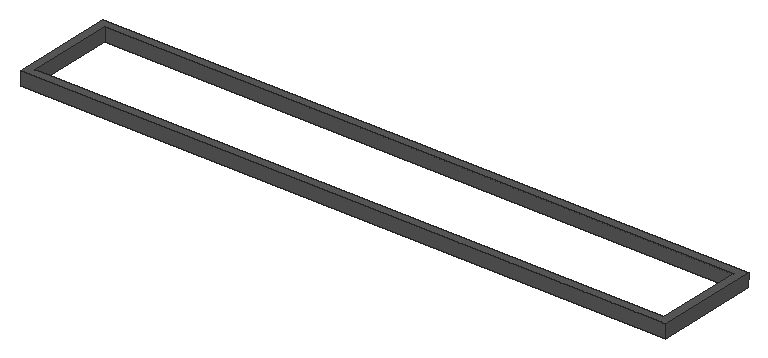
Revit family "FU_Frame_LAP0035", category Furniture, Revit 2022
Family settings
  OmniClass Number = 23.40.20.00
  OmniClass Title = General Furniture and Specialties
  Work Plane-Based = No
  Always vertical = Yes
  Cut with Voids When Loaded = No
  Render Appearance Source = Family Geometry
  Shared = No
  Room Calculation Point = No
Parameters (values of type "LAP0035")
  Width = 2370 mm
  URL = "https://www.sandlerseating.com/product/lapse-0035-2/"
  Model = "LAP0035"
  Manufacturer = "Sandler"
  Height = 50 mm
  Frame [instance] = Epoxy - M1_B00 - Black
  Description = "3.5-seat frame in the Lapse modular seating range that can be customized with a variety of modular elements and epoxy finishes."
  Depth = 380 mm
  Default Elevation = 0 mm
Reference planes
  plane 1 "Center (Front/Back)": y = 0
  plane 2: z = 0
  plane 3 "Center (Left/Right)": x = 0
  plane 4 "Right": x = -1185
  plane 5 "Left": x = 1185
  plane 6 "Back": y = 190
  plane 7 "Front": y = -190
  plane 8 "Height": z = 333
  plane 9 "Frame Base": z = 283
  plane 10 "Frame Inner Right": x = -1155
  plane 11 "Frame Inner Back": y = 160
  plane 12 "Frame Inner Left": x = 1155
  plane 13 "Frame Inner Front": y = -160
Forms (mm)
  Extrusion 1, solid, material "Epoxy - M1_B00 - Black" <- "Frame"
    sketch origin (0, 0, 283) x (-1, 0, 0) y (0, -1, 0)
      loop
        line (1185, -190) -> (1185, 190) -> (-1185, 190) -> (-1185, -190) -> (1185, -190)
      loop
        line (1155, -160) -> (1155, 160) -> (-1155, 160) -> (-1155, -160) -> (1155, -160)
    from 0 to 50
Dimensions and locks
  equal spacing: plane 4 "Right", plane 3 "Center (Left/Right)", plane 5 "Left"
  "Width": plane 4 "Right" to plane 5 "Left"
  equal spacing: plane 6 "Back", plane 1 "Center (Front/Back)", plane 7 "Front"
  "Depth": plane 6 "Back" to plane 7 "Front"
  plane 8 "Height" to level = 333 mm
  "Height": plane 8 "Height" to plane 9 "Frame Base"
  locked: plane 13 "Frame Inner Front" to plane 7 "Front" at 30
  locked: plane 4 "Right" to plane 10 "Frame Inner Right" at 30
  locked: plane 12 "Frame Inner Left" to plane 5 "Left" at 30
  locked: plane 6 "Back" to plane 11 "Frame Inner Back" at 30
  aligned and locked: Extrusion 1 sketch curve to plane 6 "Back"
  aligned and locked: Extrusion 1 sketch curve to plane 4 "Right"
  aligned and locked: plane 7 "Front" to Extrusion 1 sketch curve
  aligned and locked: plane 5 "Left" to Extrusion 1 sketch curve
  aligned and locked: Extrusion 1 sketch curve to plane 11 "Frame Inner Back"
  aligned and locked: plane 10 "Frame Inner Right" to Extrusion 1 sketch curve
  aligned and locked: Extrusion 1 sketch curve to plane 13 "Frame Inner Front"
  aligned and locked: plane 12 "Frame Inner Left" to Extrusion 1 sketch curve
  aligned and locked: plane 8 "Height" to Extrusion 1
  aligned and locked: Extrusion 1 to plane 8 "Height"  (x3)
  aligned and locked: Extrusion 1 to plane 9 "Frame Base"
  aligned and locked: plane 9 "Frame Base" to Extrusion 1  (x2)
